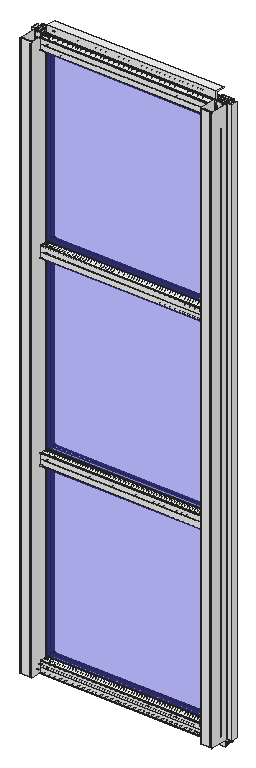
Revit family "Facade_60_Curtain_Wall_E13_Custom", category Windows, host Wall, Revit 2014 (continued)
Definition of nested family "F60 Vertical Profile Side_E13_Cust"
  Automatic sketch dimensions
    Extrusion 9 sketch curve to Extrusion 9 sketch curve = 1.393 mm
    Extrusion 9 sketch curve to Extrusion 9 sketch curve = 1.923 mm
    Extrusion 9 sketch curve to Extrusion 9 sketch curve = 11.937 mm
    Extrusion 9 sketch curve to Extrusion 9 sketch curve = 1.6 mm
    Extrusion 9 sketch curve to Extrusion 9 sketch curve = 0.9 mm  (x2)
    Extrusion 9 sketch curve to Extrusion 9 sketch curve = 1.356 mm  (x2)
    Extrusion 9 sketch curve to Extrusion 9 sketch curve = 0.714 mm
    Extrusion 9 sketch curve to Extrusion 9 sketch curve = 0.02 mm
    Extrusion 9 sketch curve to Extrusion 9 sketch curve = 0.399 mm
    Extrusion 9 sketch curve to Extrusion 9 sketch curve = 2.224 mm
    Extrusion 9 sketch curve to Extrusion 9 sketch curve = 0.448 mm
    Extrusion 9 sketch curve to plane 1 "Center (Front/Back)" = 0.198 mm
    Extrusion 9 sketch curve to plane 1 "Center (Front/Back)" = 0.201 mm
    Extrusion 9 sketch curve to Extrusion 9 sketch curve = 0.032 mm
    Extrusion 9 sketch curve to Extrusion 9 sketch curve = 0 mm
    plane 3 "Center (Left/Right)" to Extrusion 10 sketch curve = 1.014 mm
    Extrusion 10 sketch curve to Extrusion 10 sketch curve = 0.469 mm  (x2)
    plane 3 "Center (Left/Right)" to Extrusion 10 sketch curve = 1.706 mm
    Extrusion 10 sketch curve to Extrusion 10 sketch curve = 1.079 mm
    Extrusion 10 sketch curve to Extrusion 10 sketch curve = 0.864 mm
    Extrusion 10 sketch curve to Extrusion 10 sketch curve = 1.15 mm  (x4)
    Extrusion 10 sketch curve to Extrusion 10 sketch curve = 3.2 mm  (x2)
    Extrusion 10 sketch curve to Extrusion 10 sketch curve = 3.031 mm  (x2)
    Extrusion 10 sketch curve to Extrusion 10 sketch curve = 0.6 mm  (x3)
    Extrusion 10 sketch curve to Extrusion 10 sketch curve = 15.584 mm  (x2)
    Extrusion 10 sketch curve to Extrusion 10 sketch curve = 0.808 mm  (x2)
    Extrusion 10 sketch curve to Extrusion 10 sketch curve = 3.038 mm
    Extrusion 10 sketch curve to Extrusion 10 sketch curve = 0.865 mm
    Extrusion 10 sketch curve to Extrusion 10 sketch curve = 1.25 mm  (x5)
    Extrusion 10 sketch curve to Extrusion 10 sketch curve = 0.61 mm
    plane 1 "Center (Front/Back)" to Extrusion 10 sketch curve = 31.288 mm
    Extrusion 10 sketch curve to Extrusion 10 sketch curve = 0.362 mm
    plane 1 "Center (Front/Back)" to Extrusion 10 sketch curve = 31.65 mm
    Extrusion 10 sketch curve to Extrusion 10 sketch curve = 0.962 mm
    Extrusion 10 sketch curve to Extrusion 10 sketch curve = 0.85 mm
    Extrusion 10 sketch curve to Extrusion 10 sketch curve = 0.512 mm  (x2)
    Extrusion 10 sketch curve to Extrusion 10 sketch curve = 0.4 mm  (x2)
    Extrusion 10 sketch curve to Extrusion 10 sketch curve = 1 mm
    Extrusion 10 sketch curve to Extrusion 10 sketch curve = 2.8 mm
    Extrusion 10 sketch curve to Extrusion 10 sketch curve = 0 mm  (x2)
    Extrusion 10 sketch curve to Extrusion 10 sketch curve = 1.4 mm
    Extrusion 10 sketch curve to Extrusion 10 sketch curve = 0.539 mm  (x2)
    plane 1 "Center (Front/Back)" to Extrusion 10 sketch curve = 28.864 mm
    Extrusion 11 sketch curve to plane 3 "Center (Left/Right)" = 0 mm
    plane 3 "Center (Left/Right)" to Extrusion 11 sketch curve = 0.65 mm
    Extrusion 11 sketch curve to Extrusion 11 sketch curve = 0.128 mm  (x2)
    plane 3 "Center (Left/Right)" to Extrusion 11 sketch curve = 1.014 mm
    plane 3 "Center (Left/Right)" to Extrusion 11 sketch curve = 1.05 mm
    Extrusion 11 sketch curve to Extrusion 11 sketch curve = 0.469 mm  (x2)
    Extrusion 11 sketch curve to Extrusion 11 sketch curve = 1.079 mm
    Extrusion 11 sketch curve to Extrusion 11 sketch curve = 1.317 mm  (x2)
    Extrusion 11 sketch curve to Extrusion 11 sketch curve = 0 mm  (x3)
    plane 3 "Center (Left/Right)" to Extrusion 11 sketch curve = 3.85 mm
    Extrusion 11 sketch curve to Extrusion 11 sketch curve = 0.15 mm  (x2)
    Extrusion 11 sketch curve to Extrusion 11 sketch curve = 26 mm  (x2)
    Extrusion 11 sketch curve to Extrusion 11 sketch curve = 1.05 mm
    Extrusion 11 sketch curve to Extrusion 11 sketch curve = 0.707 mm
    Extrusion 11 sketch curve to Extrusion 11 sketch curve = 0.433 mm
    plane 1 "Center (Front/Back)" to Extrusion 11 sketch curve = 31.288 mm
    plane 1 "Center (Front/Back)" to Extrusion 11 sketch curve = 28.065 mm
    Extrusion 11 sketch curve to Extrusion 11 sketch curve = 1.314 mm
    Extrusion 11 sketch curve to Extrusion 11 sketch curve = 0.65 mm
    Extrusion 11 sketch curve to Extrusion 11 sketch curve = 0.5 mm  (x2)
    plane 1 "Center (Front/Back)" to Extrusion 11 sketch curve = 32.75 mm
    Extrusion 11 sketch curve to Extrusion 11 sketch curve = 0.1 mm  (x3)
    Extrusion 11 sketch curve to Extrusion 11 sketch curve = 1.1 mm  (x2)
    Extrusion 11 sketch curve to Extrusion 11 sketch curve = 8.608 mm
    Extrusion 11 sketch curve to Extrusion 11 sketch curve = 0.962 mm
    Extrusion 12 sketch curve to plane 3 "Center (Left/Right)" = 21.349 mm
    Extrusion 12 sketch curve to Extrusion 12 sketch curve = 6.35 mm
    plane 3 "Center (Left/Right)" to Extrusion 12 sketch curve = 10.403 mm
    plane 1 "Center (Front/Back)" to Extrusion 12 sketch curve = 35.567 mm
    plane 1 "Center (Front/Back)" to Extrusion 12 sketch curve = 10.171 mm
    plane 1 "Center (Front/Back)" to Extrusion 12 sketch curve = 3.821 mm
    Extrusion 13 sketch curve to plane 3 "Center (Left/Right)" = 21.35 mm
    Extrusion 13 sketch curve to Extrusion 13 sketch curve = 6.35 mm
    plane 3 "Center (Left/Right)" to Extrusion 13 sketch curve = 10.402 mm
    plane 1 "Center (Front/Back)" to Extrusion 13 sketch curve = 33.172 mm
    plane 1 "Center (Front/Back)" to Extrusion 13 sketch curve = 7.775 mm
    plane 1 "Center (Front/Back)" to Extrusion 13 sketch curve = 1.425 mm
    Extrusion 14 sketch curve to plane 3 "Center (Left/Right)" = 0 mm
    plane 3 "Center (Left/Right)" to Extrusion 14 sketch curve = 1.2 mm
    Extrusion 14 sketch curve to Extrusion 14 sketch curve = 9.6 mm
    Extrusion 14 sketch curve to Extrusion 14 sketch curve = 1.2 mm  (x3)
    plane 1 "Center (Front/Back)" to Extrusion 14 sketch curve = 25.775 mm
    plane 1 "Center (Front/Back)" to Extrusion 14 sketch curve = 8.975 mm
    curve 4 to Extrusion 6 = 0 mm
    curve 3 to Extrusion 6 = 0 mm
    curve 1 to Extrusion 6 = 0 mm
    curve 4 to Extrusion 6 = 3.6 mm
    curve 3 to Extrusion 6 = 3.6 mm
    curve 1 to Extrusion 6 = 3.6 mm
    Extrusion 6 to curve 2 = 1 mm
    Extrusion 6 to curve 5 = 1 mm
    Extrusion 6 to curve 6 = 1 mm
    curve 6 to Extrusion 6 = 1 mm
    curve 5 to Extrusion 6 = 1 mm
    curve 2 to Extrusion 6 = 1 mm
    curve 9 to Extrusion 6 = 0 mm
    curve 8 to Extrusion 6 = 0 mm
    curve 7 to Extrusion 6 = 0 mm
    Extrusion 6 to curve 8 = 3.6 mm
    Extrusion 6 to curve 9 = 3.6 mm
    Extrusion 6 to curve 7 = 3.6 mm
    curve 12 to Extrusion 5 = 25.894 mm
    curve 11 to Extrusion 5 = 25.894 mm
    curve 10 to Extrusion 5 = 25.894 mm
    curve 10 to Extrusion 5 = 0.108 mm
    Extrusion 5 to curve 12 = 0.703 mm
    Extrusion 5 to curve 11 = 0.703 mm
    curve 13 to Extrusion 5 = 4 mm
    curve 14 to Extrusion 5 = 4 mm
    curve 15 to Extrusion 5 = 4 mm
    Extrusion 5 to curve 15 = 0.702 mm
    Extrusion 5 to curve 14 = 0.702 mm
    Extrusion 5 to curve 13 = 0.702 mm
    curve 18 to Extrusion 7 = 0 mm
    curve 17 to Extrusion 7 = 0 mm
    curve 16 to Extrusion 7 = 0 mm
    Extrusion 7 to curve 17 = 3.6 mm
    Extrusion 7 to curve 18 = 3.6 mm
    Extrusion 7 to curve 16 = 3.6 mm
    Extrusion 7 to curve 21 = 1 mm  (x2)
    Extrusion 7 to curve 20 = 1 mm  (x2)
    Extrusion 7 to curve 19 = 1 mm  (x2)
    curve 24 to Extrusion 7 = 0 mm
    curve 23 to Extrusion 7 = 0 mm
    curve 22 to Extrusion 7 = 0 mm
    curve 24 to Extrusion 7 = 3.6 mm
    curve 23 to Extrusion 7 = 3.6 mm
    curve 22 to Extrusion 7 = 3.6 mm
    curve 27 to Extrusion 8 = 0 mm
    curve 26 to Extrusion 8 = 0 mm
    curve 25 to Extrusion 8 = 0 mm
    Extrusion 8 to curve 26 = 3.6 mm
    Extrusion 8 to curve 27 = 3.6 mm
    Extrusion 8 to curve 25 = 3.6 mm
    Extrusion 8 to curve 30 = 0.221 mm
    Extrusion 8 to curve 29 = 0.221 mm
    Extrusion 8 to curve 28 = 0.221 mm
    curve 29 to Extrusion 8 = 0.222 mm
    curve 30 to Extrusion 8 = 0.222 mm
    curve 28 to Extrusion 8 = 0.222 mm
    curve 33 to Extrusion 8 = 0 mm
    curve 32 to Extrusion 8 = 0 mm
    curve 31 to Extrusion 8 = 0 mm
    curve 33 to Extrusion 8 = 3.6 mm
    curve 32 to Extrusion 8 = 3.6 mm
    curve 31 to Extrusion 8 = 3.6 mm
    curve 34 to Extrusion 11 = 4.016 mm
    curve 35 to Extrusion 11 = 4.016 mm
    curve 36 to Extrusion 11 = 3.97 mm
    Extrusion 11 to curve 36 = 0.637 mm
    Extrusion 11 to curve 35 = 0.637 mm
    Extrusion 11 to curve 34 = 0.637 mm
    curve 37 to Extrusion 11 = 29.221 mm
    curve 38 to Extrusion 11 = 29.221 mm
    curve 39 to Extrusion 11 = 29.221 mm
    Extrusion 11 to curve 39 = 3.222 mm
    Extrusion 11 to curve 38 = 3.222 mm
    Extrusion 11 to curve 37 = 3.222 mm
Definition of nested family "F60 Horizontal Profile Top_E13_Cust"
  Parameters (values of type "F60 Horizontal Profile Top")
    Thermal Break Material [instance] = none
    Single Glazing [instance] = yes
    Profile Material [instance] = none
    Length [instance] = 250 mm
    Double Glazing [instance] = yes
  Reference planes
    plane 1 "Center (Front/Back)": y = 0
    plane 2: z = 0
    plane 3 "Center (Left/Right)": x = 0
  Forms (mm)
    Extrusion 1, solid, material <- "Profile Material"
      sketch origin (0, 0, 0) x (0, 1, 0) y (0, 0, 1)
        loop
          line (-9.94, 7.845) -> (-8.37, 6.275) -> (-1.2, 10.415) -> (-1.2, 1.2) -> (-5, 1.2) -> (-5, 0) -> (-1, 0)
          arc (-1, 0) -> (-0.293, 0.293) -> (0, 1) r 1
          line (0, 1) -> (0, 30) -> (0, 59)
          arc (0, 59) -> (-0.293, 59.707) -> (-1, 60) r 1
          line (-1, 60) -> (-5, 60) -> (-5, 58.8) -> (-1.2, 58.8) -> (-1.2, 49.585) -> (-8.37, 53.725) -> (-9.94, 52.155)
          arc (-9.94, 52.155) -> (-9.902, 51.269) -> (-9.016, 51.232) r 0.655
          line (-9.016, 51.232) -> (-8.077, 52.17) -> (-1.2, 48.2) -> (-1.2, 30) -> (-1.2, 11.8) -> (-8.077, 7.83) -> (-9.016, 8.768)
          arc (-9.016, 8.768) -> (-9.902, 8.731) -> (-9.94, 7.845) r 0.655
      from 0 to 250 <- "Length"
    Extrusion 2, solid, material <- "Profile Material"
      sketch origin (0, 0, 0) x (0, 1, 0) y (0, 0, 1)
        loop
          line (-5, 60) -> (-44.6, 60) -> (-44.6, 58.35) -> (-39.944, 58.35) -> (-39.944, 1.65) -> (-44.6, 1.65) -> (-44.6, 0) -> (-5, 0) -> (-5, 2.2) -> (-4.2, 2.2) -> (-4.2, 3.018)
          arc (-4.2, 3.018) -> (-4.352, 3.783) -> (-4.786, 4.432) r 2
          line (-4.786, 4.432) -> (-7.054, 6.7) -> (-8, 6.489) -> (-8, 5.7) -> (-7.205, 5.7) -> (-7.205, 2.95) -> (-8, 2.95) -> (-8, 1.95) -> (-12.752, 1.95) -> (-12.752, 6.7) -> (-14.152, 6.7) -> (-14.152, 1.65) -> (-38.65, 1.65) -> (-38.65, 8.33) -> (-37.097, 8.33) -> (-34.666, 6.973)
          arc (-34.666, 6.973) -> (-33.846, 7.192) -> (-34.066, 8.012) r 0.6
          line (-34.066, 8.012) -> (-37.128, 9.78) -> (-38.65, 9.78) -> (-38.65, 12.65) -> (-37.6, 13.7) -> (-37.6, 20.3) -> (-38.65, 21.35) -> (-38.65, 38.65) -> (-37.6, 39.7) -> (-37.6, 46.3) -> (-38.65, 47.35) -> (-38.65, 50.22) -> (-37.128, 50.22) -> (-34.066, 51.988)
          arc (-34.066, 51.988) -> (-33.846, 52.808) -> (-34.666, 53.027) r 0.6
          line (-34.666, 53.027) -> (-37.032, 51.661) -> (-38.65, 51.661) -> (-38.65, 58.35) -> (-14.152, 58.35) -> (-14.152, 53.3) -> (-12.752, 53.3) -> (-12.752, 58.05) -> (-8, 58.05) -> (-8, 57.05) -> (-7.205, 57.05) -> (-7.205, 54.3) -> (-8, 54.3) -> (-8, 53.511) -> (-7.054, 53.3) -> (-4.786, 55.568)
          arc (-4.786, 55.568) -> (-4.352, 56.217) -> (-4.2, 56.982) r 2
          line (-4.2, 56.982) -> (-4.2, 57.8) -> (-5, 57.8) -> (-5, 60)
      from 0 to 250 <- "Length"
    Extrusion 3, solid, material <- "Thermal Break Material"
      sketch origin (0, 0, 0) x (0, 1, 0) y (0, 0, 1)
        loop
          line (-40, 1.75) -> (-40, 30) -> (-40, 58.25) -> (-44.6, 58.25) -> (-44.6, 60) -> (-45.9, 60) -> (-45.9, 53.65) -> (-41.788, 53.65)
          arc (-41.788, 53.65) -> (-41.363, 53.474) -> (-41.187, 53.05) r 0.6
          line (-41.187, 53.05) -> (-41.187, 30) -> (-41.187, 6.95)
          arc (-41.187, 6.95) -> (-41.363, 6.526) -> (-41.788, 6.35) r 0.6
          line (-41.788, 6.35) -> (-45.9, 6.35) -> (-45.9, 0) -> (-44.6, 0) -> (-44.6, 1.75) -> (-40, 1.75)
      from 0 to 250 <- "Length"
    Extrusion 4, solid, material <- "Profile Material"
      sketch origin (0, 0, 0) x (0, 1, 0) y (0, 0, 1)
        loop
          line (-58.5, 25.249) -> (-43.6, 25.249)
          arc (-43.6, 25.249) -> (-43.034, 25.015) -> (-42.8, 24.449) r 0.8
          line (-42.8, 24.449) -> (-42.8, 7.9) -> (-44.4, 7.9) -> (-44.4, 9.45) -> (-45.25, 9.45)
          arc (-45.25, 9.45) -> (-45.674, 9.274) -> (-45.85, 8.85) r 0.6
          line (-45.85, 8.85) -> (-45.85, 7.9) -> (-48.8, 7.9)
          arc (-48.8, 7.9) -> (-49.3, 8.4) -> (-49.8, 7.9) r 0.5
          line (-49.8, 7.9) -> (-49.8, 5.55) -> (-48.65, 5.55) -> (-48.65, 6.7) -> (-47.35, 6.7) -> (-47.35, 1.2) -> (-48.65, 1.2) -> (-48.65, 2.35) -> (-49.8, 2.35) -> (-49.8, 0.5)
          arc (-49.8, 0.5) -> (-49.654, 0.146) -> (-49.3, 0) r 0.5
          line (-49.3, 0) -> (-45.9, 0) -> (-45.9, 6.45) -> (-42.2, 6.45)
          arc (-42.2, 6.45) -> (-41.634, 6.684) -> (-41.4, 7.25) r 0.8
          line (-41.4, 7.25) -> (-41.4, 30) -> (-41.4, 52.75)
          arc (-41.4, 52.75) -> (-41.634, 53.316) -> (-42.2, 53.55) r 0.8
          line (-42.2, 53.55) -> (-45.9, 53.55) -> (-45.9, 60) -> (-49.3, 60)
          arc (-49.3, 60) -> (-49.654, 59.854) -> (-49.8, 59.5) r 0.5
          line (-49.8, 59.5) -> (-49.8, 57.65) -> (-48.65, 57.65) -> (-48.65, 58.8) -> (-47.35, 58.8) -> (-47.35, 53.3) -> (-48.65, 53.3) -> (-48.65, 54.45) -> (-49.8, 54.45) -> (-49.8, 52.1)
          arc (-49.8, 52.1) -> (-49.3, 51.6) -> (-48.8, 52.1) r 0.5
          line (-48.8, 52.1) -> (-45.85, 52.1) -> (-45.85, 51.15)
          arc (-45.85, 51.15) -> (-45.674, 50.726) -> (-45.25, 50.55) r 0.6
          line (-45.25, 50.55) -> (-44.4, 50.55) -> (-44.4, 52.1) -> (-42.8, 52.1) -> (-42.8, 35.551)
          arc (-42.8, 35.551) -> (-43.034, 34.985) -> (-43.6, 34.751) r 0.8
          line (-43.6, 34.751) -> (-58.5, 34.751)
          arc (-58.5, 34.751) -> (-59.066, 34.516) -> (-59.3, 33.951) r 0.8
          line (-59.3, 33.951) -> (-59.3, 32.902) -> (-42.8, 32.902) -> (-42.8, 27.1) -> (-59.3, 27.1) -> (-59.3, 26.049)
          arc (-59.3, 26.049) -> (-59.066, 25.484) -> (-58.5, 25.249) r 0.8
      from 0 to 250 <- "Length"
    Extrusion 5, solid, material <- "Thermal Break Material", visible <- "Single Glazing"
      sketch origin (0, 0, 0) x (0, 1, 0) y (0, 0, 1)
        loop
          arc (-63.8, 25.751) -> (-63.654, 25.397) -> (-63.3, 25.251) r 0.5
          line (-63.3, 25.251) -> (-59.8, 25.251)
          arc (-59.8, 25.251) -> (-59.446, 25.397) -> (-59.3, 25.751) r 0.5
          line (-59.3, 25.751) -> (-59.3, 27.648) -> (-49.599, 27.648) -> (-47.528, 28.651)
          arc (-47.528, 28.651) -> (-46.803, 30.001) -> (-47.528, 31.351) r 1.62
          line (-47.528, 31.351) -> (-49.599, 32.353) -> (-59.3, 32.353) -> (-59.3, 34.251)
          arc (-59.3, 34.251) -> (-59.446, 34.604) -> (-59.8, 34.751) r 0.5
          line (-59.8, 34.751) -> (-63.3, 34.751)
          arc (-63.3, 34.751) -> (-63.654, 34.604) -> (-63.8, 34.251) r 0.5
          line (-63.8, 34.251) -> (-63.8, 32.328) -> (-62.4, 31.52) -> (-62.4, 28.483) -> (-63.8, 27.673) -> (-63.8, 25.751)
        loop
          line (-59.794, 28.506) -> (-59.006, 29.294)
          arc (-59.006, 29.294) -> (-58.788, 29.618) -> (-58.713, 30.001) r 0.986
          arc (-58.713, 30.001) -> (-58.79, 30.384) -> (-59.008, 30.71) r 1.007
          line (-59.008, 30.71) -> (-59.794, 31.496) -> (-60.65, 31.496)
          arc (-60.65, 31.496) -> (-61.004, 31.349) -> (-61.15, 30.996) r 0.5
          line (-61.15, 30.996) -> (-61.15, 29.006)
          arc (-61.15, 29.006) -> (-61.004, 28.652) -> (-60.65, 28.506) r 0.5
          line (-60.65, 28.506) -> (-59.794, 28.506)
        loop
          line (-47.854, 30.898) -> (-49.415, 31.653) -> (-56.782, 31.653)
          arc (-56.782, 31.653) -> (-57.207, 31.417) -> (-57.23, 30.932) r 0.5
          arc (-57.23, 30.932) -> (-57.013, 30.001) -> (-57.23, 29.07) r 2.099
          arc (-57.23, 29.07) -> (-57.207, 28.584) -> (-56.782, 28.348) r 0.5
          line (-56.782, 28.348) -> (-49.415, 28.348) -> (-48.055, 29.007)
          arc (-48.055, 29.007) -> (-47.35, 29.888) -> (-47.854, 30.898) r 1.047
      from 0 to 250 <- "Length"
    Extrusion 6, solid, material <- "Profile Material", visible <- "Single Glazing"
      sketch origin (0, 0, 0) x (0, 1, 0) y (0, 0, 1)
        loop
          line (-63.8, 52.694) -> (-64.8, 52.694) -> (-64.8, 51.544) -> (-66.05, 51.544) -> (-66.05, 57.044) -> (-64.8, 57.044) -> (-64.8, 55.894) -> (-63.8, 55.894) -> (-63.8, 58.294)
          arc (-63.8, 58.294) -> (-64.082, 58.803) -> (-64.664, 58.835) r 0.6
          line (-64.664, 58.835) -> (-66.562, 57.91) -> (-67.088, 58.988) -> (-68.05, 58.519) -> (-68.05, 48.513)
          arc (-68.05, 48.513) -> (-67.874, 48.089) -> (-67.45, 47.913) r 0.6
          line (-67.45, 47.913) -> (-66.6, 47.913) -> (-66.6, 12.09) -> (-67.45, 12.09)
          arc (-67.45, 12.09) -> (-67.874, 11.914) -> (-68.05, 11.49) r 0.6
          line (-68.05, 11.49) -> (-68.05, 1.485) -> (-67.088, 1.016) -> (-66.562, 2.095) -> (-64.663, 1.169)
          arc (-64.663, 1.169) -> (-64.082, 1.2) -> (-63.8, 1.709) r 0.6
          line (-63.8, 1.709) -> (-63.8, 4.109) -> (-64.8, 4.109) -> (-64.8, 2.959) -> (-66.05, 2.959) -> (-66.05, 8.459) -> (-64.8, 8.459) -> (-64.8, 7.309) -> (-63.8, 7.309) -> (-63.8, 27.674) -> (-62.4, 28.483) -> (-62.4, 31.521) -> (-63.8, 32.329) -> (-63.8, 52.694)
      from 0 to 250 <- "Length"
    Extrusion 7, solid, material <- "Profile Material", visible <- "Single Glazing"
      sketch origin (0, 0, 0) x (0, 1, 0) y (0, 0, 1)
        loop
          line (-68.551, 3.3) -> (-76.559, 3.3) -> (-76.559, 30) -> (-76.559, 56.15)
          arc (-76.559, 56.15) -> (-75.739, 58.13) -> (-73.759, 58.95) r 2.8
          line (-73.759, 58.95) -> (-69.151, 58.95) -> (-69.151, 57.2)
          arc (-69.151, 57.2) -> (-68.987, 56.829) -> (-68.601, 56.703) r 0.5
          arc (-68.601, 56.703) -> (-68.216, 56.829) -> (-68.051, 57.2) r 0.5
          line (-68.051, 57.2) -> (-68.051, 58.517) -> (-67.089, 58.986) -> (-66.563, 57.907) -> (-63.866, 59.222)
          arc (-63.866, 59.222) -> (-64.001, 59.762) -> (-64.504, 60) r 0.65
          line (-64.504, 60) -> (-73.859, 60)
          arc (-73.859, 60) -> (-76.687, 58.828) -> (-77.859, 56) r 4
          line (-77.859, 56) -> (-77.859, 30) -> (-77.859, 2.493)
          arc (-77.859, 2.493) -> (-77.197, 0.799) -> (-75.562, 0.002) r 2.5
          arc (-75.562, 0.002) -> (-75.182, 0.132) -> (-75.021, 0.5) r 0.5
          line (-75.021, 0.5) -> (-75.021, 2) -> (-69.151, 2) -> (-69.151, 0.5)
          arc (-69.151, 0.5) -> (-69.005, 0.146) -> (-68.651, 0) r 0.5
          line (-68.651, 0) -> (-64.504, 0)
          arc (-64.504, 0) -> (-64.001, 0.238) -> (-63.866, 0.778) r 0.65
          line (-63.866, 0.778) -> (-66.563, 2.093) -> (-67.089, 1.014) -> (-68.051, 1.483) -> (-68.051, 2.8)
          arc (-68.051, 2.8) -> (-68.198, 3.154) -> (-68.551, 3.3) r 0.5
      from 0 to 250 <- "Length"
    Extrusion 8, solid, material <- "Thermal Break Material", visible <- "Double Glazing"
      sketch origin (0, 0, 0) x (0, 1, 0) y (0, 0, 1)
        loop
          line (-77.8, 27.673) -> (-77.8, 25.751)
          arc (-77.8, 25.751) -> (-77.654, 25.397) -> (-77.3, 25.251) r 0.5
          line (-77.3, 25.251) -> (-59.8, 25.251)
          arc (-59.8, 25.251) -> (-59.446, 25.397) -> (-59.3, 25.751) r 0.5
          line (-59.3, 25.751) -> (-59.3, 27.647) -> (-49.599, 27.647) -> (-47.528, 28.649)
          arc (-47.528, 28.649) -> (-46.803, 29.999) -> (-47.528, 31.349) r 1.62
          line (-47.528, 31.349) -> (-49.602, 32.353) -> (-59.3, 32.353) -> (-59.3, 34.251)
          arc (-59.3, 34.251) -> (-59.446, 34.604) -> (-59.8, 34.751) r 0.5
          line (-59.8, 34.751) -> (-77.3, 34.751)
          arc (-77.3, 34.751) -> (-77.654, 34.604) -> (-77.8, 34.251) r 0.5
          line (-77.8, 34.251) -> (-77.8, 32.327) -> (-76.4, 31.52) -> (-76.4, 28.482) -> (-77.8, 27.673)
        loop
          line (-59.006, 30.708) -> (-61.156, 32.858)
          arc (-61.156, 32.858) -> (-61.48, 33.074) -> (-61.863, 33.151) r 1
          line (-61.863, 33.151) -> (-73.8, 33.151)
          arc (-73.8, 33.151) -> (-74.507, 32.858) -> (-74.8, 32.151) r 1
          line (-74.8, 32.151) -> (-74.8, 27.851)
          arc (-74.8, 27.851) -> (-74.507, 27.144) -> (-73.8, 26.851) r 1
          line (-73.8, 26.851) -> (-61.863, 26.851)
          arc (-61.863, 26.851) -> (-61.48, 26.927) -> (-61.156, 27.144) r 1
          line (-61.156, 27.144) -> (-59.006, 29.294)
          arc (-59.006, 29.294) -> (-58.788, 29.618) -> (-58.713, 30.001) r 0.986
          arc (-58.713, 30.001) -> (-58.79, 30.383) -> (-59.006, 30.708) r 1.007
        loop
          line (-56.782, 28.347) -> (-49.415, 28.347) -> (-48.055, 29.005)
          arc (-48.055, 29.005) -> (-47.35, 29.887) -> (-47.854, 30.896) r 1.047
          line (-47.854, 30.896) -> (-49.415, 31.652) -> (-56.782, 31.652)
          arc (-56.782, 31.652) -> (-57.207, 31.416) -> (-57.23, 30.93) r 0.5
          arc (-57.23, 30.93) -> (-57.013, 29.999) -> (-57.23, 29.068) r 2.099
          arc (-57.23, 29.068) -> (-57.207, 28.583) -> (-56.782, 28.347) r 0.5
      from 0 to 250 <- "Length"
    Extrusion 9, solid, material <- "Profile Material", visible <- "Double Glazing"
      sketch origin (0, 0, 0) x (0, 1, 0) y (0, 0, 1)
        loop
          line (-77.8, 52.694) -> (-78.8, 52.694) -> (-78.8, 51.544) -> (-80.05, 51.544) -> (-80.05, 57.044) -> (-78.8, 57.044) -> (-78.8, 55.894) -> (-77.8, 55.894) -> (-77.8, 58.294)
          arc (-77.8, 58.294) -> (-78.082, 58.802) -> (-78.664, 58.834) r 0.6
          line (-78.664, 58.834) -> (-80.562, 57.909) -> (-81.088, 58.988) -> (-82.05, 58.518) -> (-82.05, 48.512)
          arc (-82.05, 48.512) -> (-81.874, 48.088) -> (-81.45, 47.912) r 0.6
          line (-81.45, 47.912) -> (-80.6, 47.912) -> (-80.6, 12.089) -> (-81.45, 12.089)
          arc (-81.45, 12.089) -> (-81.874, 11.913) -> (-82.05, 11.489) r 0.6
          line (-82.05, 11.489) -> (-82.05, 1.484) -> (-81.088, 1.015) -> (-80.562, 2.094) -> (-78.663, 1.169)
          arc (-78.663, 1.169) -> (-78.082, 1.199) -> (-77.8, 1.708) r 0.6
          line (-77.8, 1.708) -> (-77.8, 4.108) -> (-78.8, 4.108) -> (-78.8, 2.958) -> (-80.05, 2.958) -> (-80.05, 8.458) -> (-78.8, 8.458) -> (-78.8, 7.308) -> (-77.8, 7.308) -> (-77.8, 27.673) -> (-76.4, 28.482) -> (-76.4, 31.52) -> (-77.8, 32.328) -> (-77.8, 52.694)
      from 0 to 250 <- "Length"
    Extrusion 10, solid, material <- "Profile Material", visible <- "Double Glazing"
      sketch origin (0, 0, 0) x (0, 1, 0) y (0, 0, 1)
        loop
          line (-82.551, 3.3) -> (-90.558, 3.3) -> (-90.558, 30) -> (-90.558, 56.15)
          arc (-90.558, 56.15) -> (-89.738, 58.13) -> (-87.758, 58.95) r 2.8
          line (-87.758, 58.95) -> (-83.151, 58.95) -> (-83.151, 57.2)
          arc (-83.151, 57.2) -> (-82.986, 56.829) -> (-82.601, 56.703) r 0.5
          arc (-82.601, 56.703) -> (-82.215, 56.829) -> (-82.051, 57.2) r 0.5
          line (-82.051, 57.2) -> (-82.051, 58.517) -> (-81.088, 58.986) -> (-80.563, 57.907) -> (-77.866, 59.222)
          arc (-77.866, 59.222) -> (-78, 59.762) -> (-78.503, 60) r 0.65
          line (-78.503, 60) -> (-87.858, 60)
          arc (-87.858, 60) -> (-90.687, 58.828) -> (-91.858, 56) r 4
          line (-91.858, 56) -> (-91.858, 30) -> (-91.858, 2.493)
          arc (-91.858, 2.493) -> (-91.196, 0.799) -> (-89.561, 0.002) r 2.5
          arc (-89.561, 0.002) -> (-89.182, 0.132) -> (-89.021, 0.5) r 0.5
          line (-89.021, 0.5) -> (-89.021, 2) -> (-83.151, 2) -> (-83.151, 0.5)
          arc (-83.151, 0.5) -> (-83.004, 0.146) -> (-82.651, 0) r 0.5
          line (-82.651, 0) -> (-78.503, 0)
          arc (-78.503, 0) -> (-78, 0.238) -> (-77.866, 0.778) r 0.65
          line (-77.866, 0.778) -> (-80.563, 2.093) -> (-81.088, 1.014) -> (-82.051, 1.483) -> (-82.051, 2.8)
          arc (-82.051, 2.8) -> (-82.197, 3.154) -> (-82.551, 3.3) r 0.5
      from 0 to 250 <- "Length"
    Extrusion 11, solid, material <- "Profile Material", visible <- "Double Glazing"
      sketch origin (0, 0, 0) x (0, 1, 0) y (0, 0, 1)
        loop
          line (-57.8, 45.73) -> (-51.8, 45.73) -> (-51.8, 95.73) -> (-101.8, 95.73) -> (-101.8, 89.73) -> (-57.8, 89.73) -> (-57.8, 45.73)
      from 0 to 250 <- "Length"
    Extrusion 12, solid, material <- "Profile Material", visible <- "Double Glazing"
      sketch origin (0, 0, 0) x (0, 1, 0) y (0, 0, 1)
        loop
          line (-75.8, 48) -> (-57.8, 48) -> (-57.8, 60) -> (-75.8, 60) -> (-75.8, 48)
        loop
          line (-74.6, 49.2) -> (-59, 49.2) -> (-59, 58.8) -> (-74.6, 58.8) -> (-74.6, 49.2)
      from 0 to 250 <- "Length"
    Extrusion 13, solid, material <- "Profile Material", visible <- "Single Glazing"
      sketch origin (0, 0, 0) x (0, 1, 0) y (0, 0, 1)
        loop
          line (-59.8, 45.865) -> (-53.8, 45.865) -> (-53.8, 95.865) -> (-103.8, 95.865) -> (-103.8, 89.865) -> (-59.8, 89.865) -> (-59.8, 45.865)
      from 0 to 250 <- "Length"
  Dimensions and locks
    aligned and locked: level to plane 2
Definition of nested family "F60 Sill_E13_Cust"
  Parameters (values of type "F60 Sill")
    Profile Material [instance] = none
    Length Sill [instance] = 250 mm
  Reference planes
    plane 1 "Center (Front/Back)": y = 0
    plane 2: z = 0
    plane 3 "Center (Left/Right)": x = 0
  Forms (mm)
    Extrusion 1, solid, material <- "Profile Material"
      sketch origin (0, 0, 0) x (0, 1, 0) y (0, 0, 1)
        loop
          line (-42.734, 5.324) -> (-48.256, 4.643)
          arc (-48.256, 4.643) -> (-49.196, 4.147) -> (-49.572, 3.154) r 1.5
          line (-49.572, 3.154) -> (-49.572, 1.88) -> (-47.772, 1.88) -> (-47.772, 3.191) -> (-19.233, 6.714)
          arc (-19.233, 6.714) -> (-17.924, 7.083) -> (-16.785, 7.826) r 4.5
          line (-16.785, 7.826) -> (-16.785, 1.88) -> (-15.285, 1.88) -> (-15.285, 24.58)
          arc (-15.285, 24.58) -> (-15.109, 25.004) -> (-14.685, 25.18) r 0.6
          line (-14.685, 25.18) -> (-4.072, 25.18) -> (-4.072, 1.88) -> (-2.572, 1.88) -> (-2.572, 29.88) -> (-4.072, 29.88) -> (-4.072, 28.88) -> (-5.222, 28.88) -> (-5.222, 27.68) -> (-4.072, 27.68) -> (-4.072, 26.38) -> (-9.572, 26.38) -> (-9.572, 27.68) -> (-8.422, 27.68) -> (-8.422, 28.88) -> (-10.172, 28.88)
          arc (-10.172, 28.88) -> (-10.597, 28.704) -> (-10.772, 28.28) r 0.6
          line (-10.772, 28.28) -> (-10.772, 26.38) -> (-15.285, 26.38)
          arc (-15.285, 26.38) -> (-16.345, 25.941) -> (-16.785, 24.88) r 1.5
          line (-16.785, 24.88) -> (-16.785, 11.18)
          arc (-16.785, 11.18) -> (-17.537, 9.193) -> (-19.417, 8.203) r 3
          line (-19.417, 8.203) -> (-39.35, 5.742)
          arc (-39.35, 5.742) -> (-40.527, 6.107) -> (-41.034, 7.231) r 1.5
          line (-41.034, 7.231) -> (-41.034, 19.996)
          arc (-41.034, 19.996) -> (-40.883, 20.394) -> (-40.507, 20.592) r 0.6
          line (-40.507, 20.592) -> (-32.917, 21.529)
          arc (-32.917, 21.529) -> (-31.977, 22.024) -> (-31.601, 23.017) r 1.5
          line (-31.601, 23.017) -> (-31.601, 28.88) -> (-33.101, 28.88) -> (-33.101, 23.548)
          arc (-33.101, 23.548) -> (-33.251, 23.15) -> (-33.627, 22.952) r 0.6
          line (-33.627, 22.952) -> (-45.787, 21.451)
          arc (-45.787, 21.451) -> (-46.727, 20.956) -> (-47.104, 19.962) r 1.5
          line (-47.104, 19.962) -> (-47.104, 19.054)
          arc (-47.104, 19.054) -> (-46.957, 18.7) -> (-46.604, 18.554) r 0.5
          line (-46.604, 18.554) -> (-45.604, 18.554) -> (-45.604, 19.962) -> (-42.734, 20.317) -> (-42.734, 5.324)
      from 0 to 250 <- "Length Sill"
  Dimensions and locks
    aligned and locked: level to plane 2
Definition of nested family "F60 Horizontal Profile Bottom_E13_Cust"
  Parameters (values of type "F60 Horizontal Profile Bottom")
    Thermal Break Material [instance] = none
    Single Glazing [instance] = yes
    Profile Material [instance] = none
    Length [instance] = 250 mm
    Double Glazing [instance] = yes
  Reference planes
    plane 1 "Center (Front/Back)": y = 0
    plane 2: z = 0
    plane 3 "Center (Left/Right)": x = 0
  Forms (mm)
    Extrusion 1, solid, material <- "Profile Material"
      sketch origin (0, 0, 0) x (0, 1, 0) y (0, 0, 1)
        loop
          line (-9.94, 7.845) -> (-8.37, 6.275) -> (-1.2, 10.415) -> (-1.2, 1.2) -> (-5, 1.2) -> (-5, 0) -> (-1, 0)
          arc (-1, 0) -> (-0.293, 0.293) -> (0, 1) r 1
          line (0, 1) -> (0, 30) -> (0, 59)
          arc (0, 59) -> (-0.293, 59.707) -> (-1, 60) r 1
          line (-1, 60) -> (-5, 60) -> (-5, 58.8) -> (-1.2, 58.8) -> (-1.2, 49.585) -> (-8.37, 53.725) -> (-9.94, 52.155)
          arc (-9.94, 52.155) -> (-9.902, 51.269) -> (-9.016, 51.232) r 0.655
          line (-9.016, 51.232) -> (-8.077, 52.17) -> (-1.2, 48.2) -> (-1.2, 30) -> (-1.2, 11.8) -> (-8.077, 7.83) -> (-9.016, 8.768)
          arc (-9.016, 8.768) -> (-9.902, 8.731) -> (-9.94, 7.845) r 0.655
      from 0 to 250 <- "Length"
    Extrusion 2, solid, material <- "Profile Material"
      sketch origin (0, 0, 0) x (0, 1, 0) y (0, 0, 1)
        loop
          line (-5, 60) -> (-44.6, 60) -> (-44.6, 58.35) -> (-39.944, 58.35) -> (-39.944, 1.65) -> (-44.6, 1.65) -> (-44.6, 0) -> (-5, 0) -> (-5, 2.2) -> (-4.2, 2.2) -> (-4.2, 3.018)
          arc (-4.2, 3.018) -> (-4.352, 3.783) -> (-4.786, 4.432) r 2
          line (-4.786, 4.432) -> (-7.054, 6.7) -> (-8, 6.489) -> (-8, 5.7) -> (-7.205, 5.7) -> (-7.205, 2.95) -> (-8, 2.95) -> (-8, 1.95) -> (-12.752, 1.95) -> (-12.752, 6.7) -> (-14.152, 6.7) -> (-14.152, 1.65) -> (-38.65, 1.65) -> (-38.65, 8.33) -> (-37.097, 8.33) -> (-34.666, 6.973)
          arc (-34.666, 6.973) -> (-33.846, 7.192) -> (-34.066, 8.012) r 0.6
          line (-34.066, 8.012) -> (-37.128, 9.78) -> (-38.65, 9.78) -> (-38.65, 12.65) -> (-37.6, 13.7) -> (-37.6, 20.3) -> (-38.65, 21.35) -> (-38.65, 38.65) -> (-37.6, 39.7) -> (-37.6, 46.3) -> (-38.65, 47.35) -> (-38.65, 50.22) -> (-37.128, 50.22) -> (-34.066, 51.988)
          arc (-34.066, 51.988) -> (-33.846, 52.808) -> (-34.666, 53.027) r 0.6
          line (-34.666, 53.027) -> (-37.032, 51.661) -> (-38.65, 51.661) -> (-38.65, 58.35) -> (-14.152, 58.35) -> (-14.152, 53.3) -> (-12.752, 53.3) -> (-12.752, 58.05) -> (-8, 58.05) -> (-8, 57.05) -> (-7.205, 57.05) -> (-7.205, 54.3) -> (-8, 54.3) -> (-8, 53.511) -> (-7.054, 53.3) -> (-4.786, 55.568)
          arc (-4.786, 55.568) -> (-4.352, 56.217) -> (-4.2, 56.982) r 2
          line (-4.2, 56.982) -> (-4.2, 57.8) -> (-5, 57.8) -> (-5, 60)
      from 0 to 250 <- "Length"
    Extrusion 3, solid, material <- "Thermal Break Material"
      sketch origin (0, 0, 0) x (0, 1, 0) y (0, 0, 1)
        loop
          line (-40, 1.75) -> (-40, 30) -> (-40, 58.25) -> (-44.6, 58.25) -> (-44.6, 60) -> (-45.9, 60) -> (-45.9, 53.65) -> (-41.788, 53.65)
          arc (-41.788, 53.65) -> (-41.363, 53.474) -> (-41.187, 53.05) r 0.6
          line (-41.187, 53.05) -> (-41.187, 30) -> (-41.187, 6.95)
          arc (-41.187, 6.95) -> (-41.363, 6.526) -> (-41.788, 6.35) r 0.6
          line (-41.788, 6.35) -> (-45.9, 6.35) -> (-45.9, 0) -> (-44.6, 0) -> (-44.6, 1.75) -> (-40, 1.75)
      from 0 to 250 <- "Length"
    Extrusion 4, solid, material <- "Profile Material"
      sketch origin (0, 0, 0) x (0, 1, 0) y (0, 0, 1)
        loop
          line (-58.5, 25.249) -> (-43.6, 25.249)
          arc (-43.6, 25.249) -> (-43.034, 25.015) -> (-42.8, 24.449) r 0.8
          line (-42.8, 24.449) -> (-42.8, 7.9) -> (-44.4, 7.9) -> (-44.4, 9.45) -> (-45.25, 9.45)
          arc (-45.25, 9.45) -> (-45.674, 9.274) -> (-45.85, 8.85) r 0.6
          line (-45.85, 8.85) -> (-45.85, 7.9) -> (-48.8, 7.9)
          arc (-48.8, 7.9) -> (-49.3, 8.4) -> (-49.8, 7.9) r 0.5
          line (-49.8, 7.9) -> (-49.8, 5.55) -> (-48.65, 5.55) -> (-48.65, 6.7) -> (-47.35, 6.7) -> (-47.35, 1.2) -> (-48.65, 1.2) -> (-48.65, 2.35) -> (-49.8, 2.35) -> (-49.8, 0.5)
          arc (-49.8, 0.5) -> (-49.654, 0.146) -> (-49.3, 0) r 0.5
          line (-49.3, 0) -> (-45.9, 0) -> (-45.9, 6.45) -> (-42.2, 6.45)
          arc (-42.2, 6.45) -> (-41.634, 6.684) -> (-41.4, 7.25) r 0.8
          line (-41.4, 7.25) -> (-41.4, 30) -> (-41.4, 52.75)
          arc (-41.4, 52.75) -> (-41.634, 53.316) -> (-42.2, 53.55) r 0.8
          line (-42.2, 53.55) -> (-45.9, 53.55) -> (-45.9, 60) -> (-49.3, 60)
          arc (-49.3, 60) -> (-49.654, 59.854) -> (-49.8, 59.5) r 0.5
          line (-49.8, 59.5) -> (-49.8, 57.65) -> (-48.65, 57.65) -> (-48.65, 58.8) -> (-47.35, 58.8) -> (-47.35, 53.3) -> (-48.65, 53.3) -> (-48.65, 54.45) -> (-49.8, 54.45) -> (-49.8, 52.1)
          arc (-49.8, 52.1) -> (-49.3, 51.6) -> (-48.8, 52.1) r 0.5
          line (-48.8, 52.1) -> (-45.85, 52.1) -> (-45.85, 51.15)
          arc (-45.85, 51.15) -> (-45.674, 50.726) -> (-45.25, 50.55) r 0.6
          line (-45.25, 50.55) -> (-44.4, 50.55) -> (-44.4, 52.1) -> (-42.8, 52.1) -> (-42.8, 35.551)
          arc (-42.8, 35.551) -> (-43.034, 34.985) -> (-43.6, 34.751) r 0.8
          line (-43.6, 34.751) -> (-58.5, 34.751)
          arc (-58.5, 34.751) -> (-59.066, 34.516) -> (-59.3, 33.951) r 0.8
          line (-59.3, 33.951) -> (-59.3, 32.902) -> (-42.8, 32.902) -> (-42.8, 27.1) -> (-59.3, 27.1) -> (-59.3, 26.049)
          arc (-59.3, 26.049) -> (-59.066, 25.484) -> (-58.5, 25.249) r 0.8
      from 0 to 250 <- "Length"
    Extrusion 5, solid, material <- "Thermal Break Material", visible <- "Single Glazing"
      sketch origin (0, 0, 0) x (0, 1, 0) y (0, 0, 1)
        loop
          arc (-63.8, 25.751) -> (-63.654, 25.397) -> (-63.3, 25.251) r 0.5
          line (-63.3, 25.251) -> (-59.8, 25.251)
          arc (-59.8, 25.251) -> (-59.446, 25.397) -> (-59.3, 25.751) r 0.5
          line (-59.3, 25.751) -> (-59.3, 27.648) -> (-49.599, 27.648) -> (-47.528, 28.651)
          arc (-47.528, 28.651) -> (-46.803, 30.001) -> (-47.528, 31.351) r 1.62
          line (-47.528, 31.351) -> (-49.599, 32.353) -> (-59.3, 32.353) -> (-59.3, 34.251)
          arc (-59.3, 34.251) -> (-59.446, 34.604) -> (-59.8, 34.751) r 0.5
          line (-59.8, 34.751) -> (-63.3, 34.751)
          arc (-63.3, 34.751) -> (-63.654, 34.604) -> (-63.8, 34.251) r 0.5
          line (-63.8, 34.251) -> (-63.8, 32.328) -> (-62.4, 31.52) -> (-62.4, 28.483) -> (-63.8, 27.673) -> (-63.8, 25.751)
        loop
          line (-59.794, 28.506) -> (-59.006, 29.294)
          arc (-59.006, 29.294) -> (-58.788, 29.618) -> (-58.713, 30.001) r 0.986
          arc (-58.713, 30.001) -> (-58.79, 30.384) -> (-59.008, 30.71) r 1.007
          line (-59.008, 30.71) -> (-59.794, 31.496) -> (-60.65, 31.496)
          arc (-60.65, 31.496) -> (-61.004, 31.349) -> (-61.15, 30.996) r 0.5
          line (-61.15, 30.996) -> (-61.15, 29.006)
          arc (-61.15, 29.006) -> (-61.004, 28.652) -> (-60.65, 28.506) r 0.5
          line (-60.65, 28.506) -> (-59.794, 28.506)
        loop
          line (-47.854, 30.898) -> (-49.415, 31.653) -> (-56.782, 31.653)
          arc (-56.782, 31.653) -> (-57.207, 31.417) -> (-57.23, 30.932) r 0.5
          arc (-57.23, 30.932) -> (-57.013, 30.001) -> (-57.23, 29.07) r 2.099
          arc (-57.23, 29.07) -> (-57.207, 28.584) -> (-56.782, 28.348) r 0.5
          line (-56.782, 28.348) -> (-49.415, 28.348) -> (-48.055, 29.007)
          arc (-48.055, 29.007) -> (-47.35, 29.888) -> (-47.854, 30.898) r 1.047
      from 0 to 250 <- "Length"
    Extrusion 6, solid, material <- "Profile Material", visible <- "Single Glazing"
      sketch origin (0, 0, 0) x (0, 1, 0) y (0, 0, 1)
        loop
          line (-63.8, 52.694) -> (-64.8, 52.694) -> (-64.8, 51.544) -> (-66.05, 51.544) -> (-66.05, 57.044) -> (-64.8, 57.044) -> (-64.8, 55.894) -> (-63.8, 55.894) -> (-63.8, 58.294)
          arc (-63.8, 58.294) -> (-64.082, 58.803) -> (-64.664, 58.835) r 0.6
          line (-64.664, 58.835) -> (-66.562, 57.91) -> (-67.088, 58.988) -> (-68.05, 58.519) -> (-68.05, 48.513)
          arc (-68.05, 48.513) -> (-67.874, 48.089) -> (-67.45, 47.913) r 0.6
          line (-67.45, 47.913) -> (-66.6, 47.913) -> (-66.6, 12.09) -> (-67.45, 12.09)
          arc (-67.45, 12.09) -> (-67.874, 11.914) -> (-68.05, 11.49) r 0.6
          line (-68.05, 11.49) -> (-68.05, 1.485) -> (-67.088, 1.016) -> (-66.562, 2.095) -> (-64.663, 1.169)
          arc (-64.663, 1.169) -> (-64.082, 1.2) -> (-63.8, 1.709) r 0.6
          line (-63.8, 1.709) -> (-63.8, 4.109) -> (-64.8, 4.109) -> (-64.8, 2.959) -> (-66.05, 2.959) -> (-66.05, 8.459) -> (-64.8, 8.459) -> (-64.8, 7.309) -> (-63.8, 7.309) -> (-63.8, 27.674) -> (-62.4, 28.483) -> (-62.4, 31.521) -> (-63.8, 32.329) -> (-63.8, 52.694)
      from 0 to 250 <- "Length"
    Extrusion 7, solid, material <- "Profile Material", visible <- "Single Glazing"
      sketch origin (0, 0, 0) x (0, 1, 0) y (0, 0, 1)
        loop
          line (-68.551, 3.3) -> (-76.559, 3.3) -> (-76.559, 30) -> (-76.559, 56.15)
          arc (-76.559, 56.15) -> (-75.739, 58.13) -> (-73.759, 58.95) r 2.8
          line (-73.759, 58.95) -> (-69.151, 58.95) -> (-69.151, 57.2)
          arc (-69.151, 57.2) -> (-68.987, 56.829) -> (-68.601, 56.703) r 0.5
          arc (-68.601, 56.703) -> (-68.216, 56.829) -> (-68.051, 57.2) r 0.5
          line (-68.051, 57.2) -> (-68.051, 58.517) -> (-67.089, 58.986) -> (-66.563, 57.907) -> (-63.866, 59.222)
          arc (-63.866, 59.222) -> (-64.001, 59.762) -> (-64.504, 60) r 0.65
          line (-64.504, 60) -> (-73.859, 60)
          arc (-73.859, 60) -> (-76.687, 58.828) -> (-77.859, 56) r 4
          line (-77.859, 56) -> (-77.859, 30) -> (-77.859, 2.493)
          arc (-77.859, 2.493) -> (-77.197, 0.799) -> (-75.562, 0.002) r 2.5
          arc (-75.562, 0.002) -> (-75.182, 0.132) -> (-75.021, 0.5) r 0.5
          line (-75.021, 0.5) -> (-75.021, 2) -> (-69.151, 2) -> (-69.151, 0.5)
          arc (-69.151, 0.5) -> (-69.005, 0.146) -> (-68.651, 0) r 0.5
          line (-68.651, 0) -> (-64.504, 0)
          arc (-64.504, 0) -> (-64.001, 0.238) -> (-63.866, 0.778) r 0.65
          line (-63.866, 0.778) -> (-66.563, 2.093) -> (-67.089, 1.014) -> (-68.051, 1.483) -> (-68.051, 2.8)
          arc (-68.051, 2.8) -> (-68.198, 3.154) -> (-68.551, 3.3) r 0.5
      from 0 to 250 <- "Length"
    Extrusion 8, solid, material <- "Thermal Break Material", visible <- "Double Glazing"
      sketch origin (0, 0, 0) x (0, 1, 0) y (0, 0, 1)
        loop
          line (-77.8, 27.673) -> (-77.8, 25.751)
          arc (-77.8, 25.751) -> (-77.654, 25.397) -> (-77.3, 25.251) r 0.5
          line (-77.3, 25.251) -> (-59.8, 25.251)
          arc (-59.8, 25.251) -> (-59.446, 25.397) -> (-59.3, 25.751) r 0.5
          line (-59.3, 25.751) -> (-59.3, 27.647) -> (-49.599, 27.647) -> (-47.528, 28.649)
          arc (-47.528, 28.649) -> (-46.803, 29.999) -> (-47.528, 31.349) r 1.62
          line (-47.528, 31.349) -> (-49.602, 32.353) -> (-59.3, 32.353) -> (-59.3, 34.251)
          arc (-59.3, 34.251) -> (-59.446, 34.604) -> (-59.8, 34.751) r 0.5
          line (-59.8, 34.751) -> (-77.3, 34.751)
          arc (-77.3, 34.751) -> (-77.654, 34.604) -> (-77.8, 34.251) r 0.5
          line (-77.8, 34.251) -> (-77.8, 32.327) -> (-76.4, 31.52) -> (-76.4, 28.482) -> (-77.8, 27.673)
        loop
          line (-59.006, 30.708) -> (-61.156, 32.858)
          arc (-61.156, 32.858) -> (-61.48, 33.074) -> (-61.863, 33.151) r 1
          line (-61.863, 33.151) -> (-73.8, 33.151)
          arc (-73.8, 33.151) -> (-74.507, 32.858) -> (-74.8, 32.151) r 1
          line (-74.8, 32.151) -> (-74.8, 27.851)
          arc (-74.8, 27.851) -> (-74.507, 27.144) -> (-73.8, 26.851) r 1
          line (-73.8, 26.851) -> (-61.863, 26.851)
          arc (-61.863, 26.851) -> (-61.48, 26.927) -> (-61.156, 27.144) r 1
          line (-61.156, 27.144) -> (-59.006, 29.294)
          arc (-59.006, 29.294) -> (-58.788, 29.618) -> (-58.713, 30.001) r 0.986
          arc (-58.713, 30.001) -> (-58.79, 30.383) -> (-59.006, 30.708) r 1.007
        loop
          line (-56.782, 28.347) -> (-49.415, 28.347) -> (-48.055, 29.005)
          arc (-48.055, 29.005) -> (-47.35, 29.887) -> (-47.854, 30.896) r 1.047
          line (-47.854, 30.896) -> (-49.415, 31.652) -> (-56.782, 31.652)
          arc (-56.782, 31.652) -> (-57.207, 31.416) -> (-57.23, 30.93) r 0.5
          arc (-57.23, 30.93) -> (-57.013, 29.999) -> (-57.23, 29.068) r 2.099
          arc (-57.23, 29.068) -> (-57.207, 28.583) -> (-56.782, 28.347) r 0.5
      from 0 to 250 <- "Length"
    Extrusion 9, solid, material <- "Profile Material", visible <- "Double Glazing"
      sketch origin (0, 0, 0) x (0, 1, 0) y (0, 0, 1)
        loop
          line (-77.8, 52.694) -> (-78.8, 52.694) -> (-78.8, 51.544) -> (-80.05, 51.544) -> (-80.05, 57.044) -> (-78.8, 57.044) -> (-78.8, 55.894) -> (-77.8, 55.894) -> (-77.8, 58.294)
          arc (-77.8, 58.294) -> (-78.082, 58.802) -> (-78.664, 58.834) r 0.6
          line (-78.664, 58.834) -> (-80.562, 57.909) -> (-81.088, 58.988) -> (-82.05, 58.518) -> (-82.05, 48.512)
          arc (-82.05, 48.512) -> (-81.874, 48.088) -> (-81.45, 47.912) r 0.6
          line (-81.45, 47.912) -> (-80.6, 47.912) -> (-80.6, 12.089) -> (-81.45, 12.089)
          arc (-81.45, 12.089) -> (-81.874, 11.913) -> (-82.05, 11.489) r 0.6
          line (-82.05, 11.489) -> (-82.05, 1.484) -> (-81.088, 1.015) -> (-80.562, 2.094) -> (-78.663, 1.169)
          arc (-78.663, 1.169) -> (-78.082, 1.199) -> (-77.8, 1.708) r 0.6
          line (-77.8, 1.708) -> (-77.8, 4.108) -> (-78.8, 4.108) -> (-78.8, 2.958) -> (-80.05, 2.958) -> (-80.05, 8.458) -> (-78.8, 8.458) -> (-78.8, 7.308) -> (-77.8, 7.308) -> (-77.8, 27.673) -> (-76.4, 28.482) -> (-76.4, 31.52) -> (-77.8, 32.328) -> (-77.8, 52.694)
      from 0 to 250 <- "Length"
    Extrusion 10, solid, material <- "Profile Material", visible <- "Double Glazing"
      sketch origin (0, 0, 0) x (0, 1, 0) y (0, 0, 1)
        loop
          line (-82.551, 3.3) -> (-90.558, 3.3) -> (-90.558, 30) -> (-90.558, 56.15)
          arc (-90.558, 56.15) -> (-89.738, 58.13) -> (-87.758, 58.95) r 2.8
          line (-87.758, 58.95) -> (-83.151, 58.95) -> (-83.151, 57.2)
          arc (-83.151, 57.2) -> (-82.986, 56.829) -> (-82.601, 56.703) r 0.5
          arc (-82.601, 56.703) -> (-82.215, 56.829) -> (-82.051, 57.2) r 0.5
          line (-82.051, 57.2) -> (-82.051, 58.517) -> (-81.088, 58.986) -> (-80.563, 57.907) -> (-77.866, 59.222)
          arc (-77.866, 59.222) -> (-78, 59.762) -> (-78.503, 60) r 0.65
          line (-78.503, 60) -> (-87.858, 60)
          arc (-87.858, 60) -> (-90.687, 58.828) -> (-91.858, 56) r 4
          line (-91.858, 56) -> (-91.858, 30) -> (-91.858, 2.493)
          arc (-91.858, 2.493) -> (-91.196, 0.799) -> (-89.561, 0.002) r 2.5
          arc (-89.561, 0.002) -> (-89.182, 0.132) -> (-89.021, 0.5) r 0.5
          line (-89.021, 0.5) -> (-89.021, 2) -> (-83.151, 2) -> (-83.151, 0.5)
          arc (-83.151, 0.5) -> (-83.004, 0.146) -> (-82.651, 0) r 0.5
          line (-82.651, 0) -> (-78.503, 0)
          arc (-78.503, 0) -> (-78, 0.238) -> (-77.866, 0.778) r 0.65
          line (-77.866, 0.778) -> (-80.563, 2.093) -> (-81.088, 1.014) -> (-82.051, 1.483) -> (-82.051, 2.8)
          arc (-82.051, 2.8) -> (-82.197, 3.154) -> (-82.551, 3.3) r 0.5
      from 0 to 250 <- "Length"
    Extrusion 11, solid, material <- "Profile Material", visible <- "Single Glazing"
      sketch origin (0, 0, 0) x (0, 1, 0) y (0, 0, 1)
        loop
          line (-63.8, 18) -> (-63.8, 0) -> (-51.8, 0) -> (-51.8, 18) -> (-63.8, 18)
        loop
          line (-62.6, 16.8) -> (-62.6, 1.2) -> (-53, 1.2) -> (-53, 16.8) -> (-62.6, 16.8)
      from 0 to 250 <- "Length"
    Extrusion 12, solid, material <- "Profile Material", visible <- "Double Glazing"
      sketch origin (0, 0, 0) x (0, 1, 0) y (0, 0, 1)
        loop
          line (-76.4, 0) -> (-51.4, 0) -> (-51.4, 25) -> (-76.4, 25) -> (-76.4, 0)
        loop
          line (-74.9, 1.5) -> (-52.9, 1.5) -> (-52.9, 23.5) -> (-74.9, 23.5) -> (-74.9, 1.5)
      from 0 to 250 <- "Length"
  Dimensions and locks
    aligned and locked: level to plane 2
Definition of nested family "F60_Single_Glazing_E13_Cust"
  Parameters (values of type "F60_Single_Glazing")
    Glazing Width [instance] = 900 mm
    Glazing Height [instance] = 900 mm
    SG Thickness [instance] = 4 mm
    Glazing Finish [instance] = Glass
  Reference planes
    plane 1 "Center (Front/Back)": y = 0
    plane 2: z = 0
    plane 3 "Center (Left/Right)": x = 0
  Forms (mm)
    Extrusion 1, solid, material "Glass" <- "Glazing Finish"
      sketch origin (0, 0, 0) x (1, 0, 0) y (0, 0, 1)
        loop
          line (0, 0) -> (0, 900) -> (-900, 900) -> (-900, 0) -> (0, 0)
      from 0 to 4 <- "SG Thickness"
  Dimensions and locks
    "Glazing Width": plane 3 "Center (Left/Right)" to Extrusion 1 sketch curve
    "Glazing Height": Extrusion 1 sketch curve to level
    aligned and locked: level to plane 2
    aligned and locked: Extrusion 1 sketch curve to plane 3 "Center (Left/Right)"
    aligned and locked: level to Extrusion 1 sketch curve
Definition of nested family "F60_Double_Glazing_E13_Cust"
  Parameters (values of type "F60_Double_Glazing")
    Glazing Width [instance] = 600 mm
    Glazing Height [instance] = 600 mm
    Glazing Thickness DG [instance] = 4 mm
    Glazing Material [instance] = Glass
    Double Glazing Gasket Thickness [instance] = 12 mm
    Double Glazing Gasket Material [instance] = none
  Reference planes
    plane 1 "Center (Front/Back)": y = 0
    plane 2: z = 0
    plane 3 "Center (Left/Right)": x = 0
  Forms (mm)
    Extrusion 1, solid, material "Glass" <- "Glazing Material"
      sketch origin (0, 0, 0) x (1, 0, 0) y (0, 0, 1)
        loop
          line (0, 0) -> (0, 600) -> (-600, 600) -> (-600, 0) -> (0, 0)
      from 0 to 4 <- "Glazing Thickness DG"
    Extrusion 2, solid, material <- "Double Glazing Gasket Material"
      sketch origin (0, -4, 0) x (1, 0, 0) y (0, 0, 1)
        loop
          line (-600, 600) -> (-600, 0) -> (0, 0) -> (0, 600) -> (-600, 600)
        loop
          line (-592, 8) -> (-8, 8) -> (-8, 592) -> (-592, 592) -> (-592, 8)
      from 0 to 12 <- "Double Glazing Gasket Thickness"
    Extrusion 3, solid, material "Glass" <- "Glazing Material"
      sketch origin (0, -16, 0) x (1, 0, 0) y (0, 0, 1)
        loop
          line (-600, 600) -> (-600, 0) -> (0, 0) -> (0, 600) -> (-600, 600)
      from 0 to 4 <- "Glazing Thickness DG"
  Dimensions and locks
    "Glazing Width": plane 3 "Center (Left/Right)" to Extrusion 1 sketch curve
    "Glazing Height": Extrusion 1 sketch curve to level
    aligned and locked: level to plane 2
    aligned and locked: Extrusion 1 sketch curve to plane 3 "Center (Left/Right)"
    aligned and locked: level to Extrusion 1 sketch curve
    aligned and locked: Extrusion 2 sketch curve to Extrusion 1  (x4)
    aligned and locked: Extrusion 3 sketch curve to Extrusion 2  (x4)
  Automatic sketch dimensions
    Extrusion 2 sketch curve to Extrusion 1 = 8 mm  (x4)
Definition of nested family "F60 Horizontal Profile Middle_E13_Cust"
  Parameters (values of type "F60 Horizontal Profile Middle")
    Thermal Break Material [instance] = none
    Single Glazing [instance] = yes
    Profile Material [instance] = none
    Length [instance] = 250 mm
    Double Glazing [instance] = yes
  Reference planes
    plane 1 "Center (Front/Back)": y = 0
    plane 2: z = 0
    plane 3 "Center (Left/Right)": x = 0
  Forms (mm)
    Extrusion 1, solid, material <- "Profile Material"
      sketch origin (0, 0, 0) x (0, 1, 0) y (0, 0, 1)
        loop
          line (-9.94, 7.845) -> (-8.37, 6.275) -> (-1.2, 10.415) -> (-1.2, 1.2) -> (-5, 1.2) -> (-5, 0) -> (-1, 0)
          arc (-1, 0) -> (-0.293, 0.293) -> (0, 1) r 1
          line (0, 1) -> (0, 30) -> (0, 59)
          arc (0, 59) -> (-0.293, 59.707) -> (-1, 60) r 1
          line (-1, 60) -> (-5, 60) -> (-5, 58.8) -> (-1.2, 58.8) -> (-1.2, 49.585) -> (-8.37, 53.725) -> (-9.94, 52.155)
          arc (-9.94, 52.155) -> (-9.902, 51.269) -> (-9.016, 51.232) r 0.655
          line (-9.016, 51.232) -> (-8.077, 52.17) -> (-1.2, 48.2) -> (-1.2, 30) -> (-1.2, 11.8) -> (-8.077, 7.83) -> (-9.016, 8.768)
          arc (-9.016, 8.768) -> (-9.902, 8.731) -> (-9.94, 7.845) r 0.655
      from 0 to 250 <- "Length"
    Extrusion 2, solid, material <- "Profile Material"
      sketch origin (0, 0, 0) x (0, 1, 0) y (0, 0, 1)
        loop
          line (-5, 60) -> (-44.6, 60) -> (-44.6, 58.35) -> (-39.944, 58.35) -> (-39.944, 1.65) -> (-44.6, 1.65) -> (-44.6, 0) -> (-5, 0) -> (-5, 2.2) -> (-4.2, 2.2) -> (-4.2, 3.018)
          arc (-4.2, 3.018) -> (-4.352, 3.783) -> (-4.786, 4.432) r 2
          line (-4.786, 4.432) -> (-7.054, 6.7) -> (-8, 6.489) -> (-8, 5.7) -> (-7.205, 5.7) -> (-7.205, 2.95) -> (-8, 2.95) -> (-8, 1.95) -> (-12.752, 1.95) -> (-12.752, 6.7) -> (-14.152, 6.7) -> (-14.152, 1.65) -> (-38.65, 1.65) -> (-38.65, 8.33) -> (-37.097, 8.33) -> (-34.666, 6.973)
          arc (-34.666, 6.973) -> (-33.846, 7.192) -> (-34.066, 8.012) r 0.6
          line (-34.066, 8.012) -> (-37.128, 9.78) -> (-38.65, 9.78) -> (-38.65, 12.65) -> (-37.6, 13.7) -> (-37.6, 20.3) -> (-38.65, 21.35) -> (-38.65, 38.65) -> (-37.6, 39.7) -> (-37.6, 46.3) -> (-38.65, 47.35) -> (-38.65, 50.22) -> (-37.128, 50.22) -> (-34.066, 51.988)
          arc (-34.066, 51.988) -> (-33.846, 52.808) -> (-34.666, 53.027) r 0.6
          line (-34.666, 53.027) -> (-37.032, 51.661) -> (-38.65, 51.661) -> (-38.65, 58.35) -> (-14.152, 58.35) -> (-14.152, 53.3) -> (-12.752, 53.3) -> (-12.752, 58.05) -> (-8, 58.05) -> (-8, 57.05) -> (-7.205, 57.05) -> (-7.205, 54.3) -> (-8, 54.3) -> (-8, 53.511) -> (-7.054, 53.3) -> (-4.786, 55.568)
          arc (-4.786, 55.568) -> (-4.352, 56.217) -> (-4.2, 56.982) r 2
          line (-4.2, 56.982) -> (-4.2, 57.8) -> (-5, 57.8) -> (-5, 60)
      from 0 to 250 <- "Length"
    Extrusion 3, solid, material <- "Thermal Break Material"
      sketch origin (0, 0, 0) x (0, 1, 0) y (0, 0, 1)
        loop
          line (-40, 1.75) -> (-40, 30) -> (-40, 58.25) -> (-44.6, 58.25) -> (-44.6, 60) -> (-45.9, 60) -> (-45.9, 53.65) -> (-41.788, 53.65)
          arc (-41.788, 53.65) -> (-41.363, 53.474) -> (-41.187, 53.05) r 0.6
          line (-41.187, 53.05) -> (-41.187, 30) -> (-41.187, 6.95)
          arc (-41.187, 6.95) -> (-41.363, 6.526) -> (-41.788, 6.35) r 0.6
          line (-41.788, 6.35) -> (-45.9, 6.35) -> (-45.9, 0) -> (-44.6, 0) -> (-44.6, 1.75) -> (-40, 1.75)
      from 0 to 250 <- "Length"
    Extrusion 4, solid, material <- "Profile Material"
      sketch origin (0, 0, 0) x (0, 1, 0) y (0, 0, 1)
        loop
          line (-58.5, 25.249) -> (-43.6, 25.249)
          arc (-43.6, 25.249) -> (-43.034, 25.015) -> (-42.8, 24.449) r 0.8
          line (-42.8, 24.449) -> (-42.8, 7.9) -> (-44.4, 7.9) -> (-44.4, 9.45) -> (-45.25, 9.45)
          arc (-45.25, 9.45) -> (-45.674, 9.274) -> (-45.85, 8.85) r 0.6
          line (-45.85, 8.85) -> (-45.85, 7.9) -> (-48.8, 7.9)
          arc (-48.8, 7.9) -> (-49.3, 8.4) -> (-49.8, 7.9) r 0.5
          line (-49.8, 7.9) -> (-49.8, 5.55) -> (-48.65, 5.55) -> (-48.65, 6.7) -> (-47.35, 6.7) -> (-47.35, 1.2) -> (-48.65, 1.2) -> (-48.65, 2.35) -> (-49.8, 2.35) -> (-49.8, 0.5)
          arc (-49.8, 0.5) -> (-49.654, 0.146) -> (-49.3, 0) r 0.5
          line (-49.3, 0) -> (-45.9, 0) -> (-45.9, 6.45) -> (-42.2, 6.45)
          arc (-42.2, 6.45) -> (-41.634, 6.684) -> (-41.4, 7.25) r 0.8
          line (-41.4, 7.25) -> (-41.4, 30) -> (-41.4, 52.75)
          arc (-41.4, 52.75) -> (-41.634, 53.316) -> (-42.2, 53.55) r 0.8
          line (-42.2, 53.55) -> (-45.9, 53.55) -> (-45.9, 60) -> (-49.3, 60)
          arc (-49.3, 60) -> (-49.654, 59.854) -> (-49.8, 59.5) r 0.5
          line (-49.8, 59.5) -> (-49.8, 57.65) -> (-48.65, 57.65) -> (-48.65, 58.8) -> (-47.35, 58.8) -> (-47.35, 53.3) -> (-48.65, 53.3) -> (-48.65, 54.45) -> (-49.8, 54.45) -> (-49.8, 52.1)
          arc (-49.8, 52.1) -> (-49.3, 51.6) -> (-48.8, 52.1) r 0.5
          line (-48.8, 52.1) -> (-45.85, 52.1) -> (-45.85, 51.15)
          arc (-45.85, 51.15) -> (-45.674, 50.726) -> (-45.25, 50.55) r 0.6
          line (-45.25, 50.55) -> (-44.4, 50.55) -> (-44.4, 52.1) -> (-42.8, 52.1) -> (-42.8, 35.551)
          arc (-42.8, 35.551) -> (-43.034, 34.985) -> (-43.6, 34.751) r 0.8
          line (-43.6, 34.751) -> (-58.5, 34.751)
